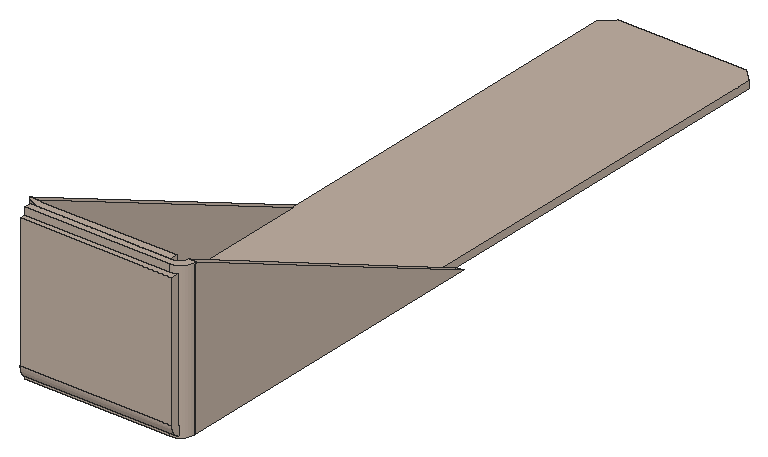
Revit family "JOMA_446", category Structural Connections, host Face, Revit 2017
Family settings
  Host = Face
  Material for Model Behavior = Other
  Enable cutting in views = Yes
  Cut with Voids When Loaded = No
  Shared = No
Parameters (values of type "4460001")
  l = 309 mm
  Vikt (kg) = "0,58"
  Typ = "VINKEL 446001"
  Spikmönster Bult [instance] = or([Spikmönster 1 α=90°], [Spikmönster 2 α=90°])  # no
  Spikmönster 2 4460002 [instance] = and(Beslag 4460002, and([Spikmönster 1 α=90°], not([Spikmönster 2 α=90°])))  # no
  Spikmönster 2 4460001 [instance] = and(Beslag 4460001, and([Spikmönster 1 α=90°], not([Spikmönster 2 α=90°])))  # no
  Spikmönster 1 4460002 [instance] = and(Beslag 4460002, or([Spikmönster 1 α=90°], [Spikmönster 2 α=90°]))  # no
  Spikmönster 1 4460001 [instance] = and(Beslag 4460001, or([Spikmönster 1 α=90°], [Spikmönster 2 α=90°]))  # no
  Spikmönster 2 α=90° [instance] = no
  Spikmönster 1 α=90° [instance] = no
  Spik/skruv [instance] = "ANKARSPIK 4,0x40"
  Material = Varmförzinkad stålplåt
  Länk joma dimensioneringsverktyg = "http://www.joma.se/dimensioneringsverktyg"
  Default Elevation = 1219.2 mm
  Bult (betong) [instance] = "BULT M16"
  Beslag 4460002 [instance] = no
  Beslag 4460001 [instance] = yes
  Antal spik/skruv i virkesdel B [instance] = if([Spikmönster 1 α=90°], 1, if([Spikmönster 2 α=90°], 1, 0))  # 0
  Antal spik/skruv i virkesdel A [instance] = if(and([Spikmönster 1 α=90°], Beslag 4460001), 23, if(and([Spikmönster 2 α=90°], Beslag 4460001), 21, if(and([Spikmönster 1 α=90°], Beslag 4460002), 32, if(and([Spikmönster 2 α=90°], Beslag 4460002), 30, 0))))  # 0
Types (3, lengths in mm): name | l | Vikt (kg) | Typ | Default Elevation | Beslag 4460002 | Beslag 4460001
  (no name) | 309 | "0,58" | "VINKEL 446001" | 1219.2 | no | yes
  4460001 | 309 | "0,58" | "VINKEL 446001" | 1219.2 | no | yes
  4460002 | 403 | "0,65" | "VINKEL 4460002" | 1200 | yes | no
Reference planes
  plane 1 "Center (Front/Back)": y = 0
  plane 2: z = 0
  plane 3 "Center (Left/Right)": x = 0
Forms (mm)
  Extrusion 1, solid, material "Varmförzinkad stålplåt" <- "Material"
    sketch origin (0, 0, 0) x (0, 1, 0) y (0, 0, 1)
      loop
        line (3, 62) -> (0, 62) -> (0, 6)
        arc (0, 6) -> (1.757, 1.757) -> (6, 0) r 6
        line (6, 0) -> (9, 0) -> (9, 3) -> (6, 3)
        arc (6, 3) -> (3.879, 3.879) -> (3, 6) r 3
        line (3, 6) -> (3, 62)
    from -32 to 32
  Extrusion 2, solid, material "Varmförzinkad stålplåt" <- "Material"
    sketch origin (0, 0, 0) x (1, 0, 0) y (0, 1, 0)
      loop
        line (-32, 304) -> (-32, 9) -> (32, 9) -> (32, 304) -> (27, 309) -> (-27, 309) -> (-32, 304)
    from 0 to 3
  Extrusion 3, solid, material "Varmförzinkad stålplåt" <- "Material"
    sketch origin (0, 0, 0) x (1, 0, 0) y (0, 1, 0)
      loop
        line (-29, 5.594) -> (27, 5.594) -> (27, 8.594) -> (-29.519, 8.594)
        arc (-29.519, 8.594) -> (-30.776, 8.696) -> (-32, 9) r 7.785
        line (-32, 9) -> (-35, 9)
        arc (-35, 9) -> (-32.45, 6.505) -> (-29, 5.594) r 6.988
    from 0 to 65
  Extrusion 4, solid, material "Varmförzinkad stålplåt" <- "Material"
    sketch origin (0, 0, 0) x (1, 0, 0) y (0, 1, 0)
      loop
        line (-32, 5.594) -> (-32, 2.594) -> (29, 2.594)
        arc (29, 2.594) -> (33.097, 4.21) -> (34.986, 8.188) r 6
        line (34.986, 8.188) -> (35, 9) -> (32, 9) -> (31.962, 8.12)
        arc (31.962, 8.12) -> (30.946, 6.311) -> (29, 5.594) r 3
        line (29, 5.594) -> (-32, 5.594)
    from 0 to 65
  Extrusion 5, solid, material "Varmförzinkad stålplåt" <- "Material"
    sketch origin (0, 0, 0) x (0, 1, 0) y (0, 0, 1)
      loop
        line (9, 65) -> (9, 0) -> (150, 0) -> (9, 65)
    from 32 to 35
  Extrusion 6, solid, material "Varmförzinkad stålplåt" <- "Material"
    sketch origin (0, 0, 0) x (0, 1, 0) y (0, 0, 1)
      loop
        line (150, 0) -> (9, 65) -> (9, 0) -> (150, 0)
    from -35 to -32
Cuts and joins
  joined: Extrusion 3, Extrusion 6
  joined: Extrusion 4, Extrusion 5
Lines and regions (mm)
  model lines
    curve 1: line (-32, 11, 0) -> (-32, 0, 0)
  symbolic lines, visible <- "Beslag 4460001"
    curve 2: circle (-22.5, 298.594, 0) r 2.5 normal (0, 0, 1)
    curve 3: circle (-7.5, 298.594, 0) r 2.5 normal (0, 0, 1)
    curve 4: circle (22.5, 298.594, 0) r 2.5 normal (0, 0, 1)
    curve 5: circle (7.5, 298.594, 0) r 2.5 normal (0, 0, 1)
    curve 6: circle (15, 268.594, 0) r 2.5 normal (0, 0, 1)
    curve 7: circle (0, 268.594, 0) r 2.5 normal (0, 0, 1)
    curve 8: circle (-15, 268.594, 0) r 2.5 normal (0, 0, 1)
    curve 9: circle (-22.5, 238.594, 0) r 2.5 normal (0, 0, 1)
    curve 10: circle (22.5, 238.594, 0) r 2.5 normal (0, 0, 1)
    curve 11: circle (7.5, 238.594, 0) r 2.5 normal (0, 0, 1)
    curve 12: circle (-7.5, 238.594, 0) r 2.5 normal (0, 0, 1)
    curve 13: circle (15, 208.594, 0) r 2.5 normal (0, 0, 1)
    curve 14: circle (0, 208.594, 0) r 2.5 normal (0, 0, 1)
    curve 15: circle (-15, 208.594, 0) r 2.5 normal (0, 0, 1)
    curve 16: circle (22.5, 178.594, 0) r 2.5 normal (0, 0, 1)
    curve 17: circle (7.5, 178.594, 0) r 2.5 normal (0, 0, 1)
    curve 18: circle (-7.5, 178.594, 0) r 2.5 normal (0, 0, 1)
    curve 19: circle (-22.5, 178.594, 0) r 2.5 normal (0, 0, 1)
    curve 20: circle (15, 148.594, 0) r 2.5 normal (0, 0, 1)
    curve 21: circle (0, 148.594, 0) r 2.5 normal (0, 0, 1)
    curve 22: circle (-15, 148.594, 0) r 2.5 normal (0, 0, 1)
    curve 23: circle (7.5, 118.594, 0) r 2.5 normal (0, 0, 1)
    curve 24: circle (-7.5, 118.594, 0) r 2.5 normal (0, 0, 1)
  symbolic lines, visible <- "Beslag 4460002"
    curve 25: circle (-15, 303, 0) r 2.5 normal (0, 0, 1)
    curve 26: circle (15, 303, 0) r 2.5 normal (0, 0, 1)
    curve 27: circle (0, 303, 0) r 2.5 normal (0, 0, 1)
    curve 28: circle (22.5, 273, 0) r 2.5 normal (0, 0, 1)
    curve 29: circle (7.5, 273, 0) r 2.5 normal (0, 0, 1)
    curve 30: circle (-7.5, 273, 0) r 2.5 normal (0, 0, 1)
    curve 31: circle (-22.5, 273, 0) r 2.5 normal (0, 0, 1)
    curve 32: circle (15, 243, 0) r 2.5 normal (0, 0, 1)
    curve 33: circle (0, 243, 0) r 2.5 normal (0, 0, 1)
    curve 34: circle (-15, 243, 0) r 2.5 normal (0, 0, 1)
    curve 35: circle (22.5, 213, 0) r 2.5 normal (0, 0, 1)
    curve 36: circle (7.5, 213, 0) r 2.5 normal (0, 0, 1)
    curve 37: circle (-7.5, 213, 0) r 2.5 normal (0, 0, 1)
    curve 38: circle (-22.5, 213, 0) r 2.5 normal (0, 0, 1)
    curve 39: circle (15, 183, 0) r 2.5 normal (0, 0, 1)
    curve 40: circle (0, 183, 0) r 2.5 normal (0, 0, 1)
    curve 41: circle (-15, 183, 0) r 2.5 normal (0, 0, 1)
    curve 42: circle (7.5, 153, 0) r 2.5 normal (0, 0, 1)
    curve 43: circle (-7.5, 153, 0) r 2.5 normal (0, 0, 1)
    curve 44: circle (7.5, 123, 0) r 2.5 normal (0, 0, 1)
    curve 45: circle (-7.5, 123, 0) r 2.5 normal (0, 0, 1)
    curve 46: circle (-22.5, 333, 0) r 2.5 normal (0, 0, 1)
    curve 47: circle (22.5, 333, 0) r 2.5 normal (0, 0, 1)
    curve 48: circle (7.5, 333, 0) r 2.5 normal (0, 0, 1)
    curve 49: circle (-7.5, 333, 0) r 2.5 normal (0, 0, 1)
    curve 50: circle (15, 363, 0) r 2.5 normal (0, 0, 1)
    curve 51: circle (0, 363, 0) r 2.5 normal (0, 0, 1)
    curve 52: circle (-15, 363, 0) r 2.5 normal (0, 0, 1)
    curve 53: circle (22.5, 393, 0) r 2.5 normal (0, 0, 1)
    curve 54: circle (7.5, 393, 0) r 2.5 normal (0, 0, 1)
    curve 55: circle (-7.5, 393, 0) r 2.5 normal (0, 0, 1)
    curve 56: circle (-22.5, 393, 0) r 2.5 normal (0, 0, 1)
  symbolic lines
    curve 57: circle (0, 0, 40) r 8.75 normal (0, -1, 0)
    curve 58: circle (0, 0, 40) r 8.75 normal (0, -1, 0)
Dimensions and locks
  Extrusion 1 to plane 1 "Center (Front/Back)" = 9 mm
  Extrusion 2 sketch curve to Extrusion 1 = 300 mm
  plane 1 "Center (Front/Back)" to Extrusion 2 = 309 mm
  Extrusion 6 to Extrusion 5 = 70 mm
  "l": plane 1 "Center (Front/Back)" to Extrusion 2 sketch curve
  aligned and locked: plane 2 to host face
  aligned and locked: level to host face
  aligned and locked: Extrusion 1 to Extrusion 2
  aligned and locked: Extrusion 5 to Extrusion 2
  aligned and locked: Extrusion 6 to Extrusion 2
Automatic sketch dimensions
  plane 1 "Center (Front/Back)" to curve 1 = 0 mm
  curve 1 to plane 3 "Center (Left/Right)" = 32 mm
  curve 1 to curve 1 = 11 mm
  host sketch curve to host sketch curve = 2438.4 mm  (x2)
  Extrusion 1 sketch curve to Extrusion 1 sketch curve = 0 mm  (x2)
  Extrusion 1 sketch curve to plane 1 "Center (Front/Back)" = 0 mm
  Extrusion 1 sketch curve to level = 0 mm
  Extrusion 1 sketch curve to Extrusion 1 sketch curve = 3 mm  (x2)
  Extrusion 1 sketch curve to plane 1 "Center (Front/Back)" = 6 mm
  Extrusion 1 sketch curve to Extrusion 1 sketch curve = 56 mm
  Extrusion 3 sketch curve to plane 1 "Center (Front/Back)" = 9 mm
  Extrusion 3 sketch curve to plane 3 "Center (Left/Right)" = 35 mm
  Extrusion 3 sketch curve to Extrusion 3 sketch curve = 3 mm  (x2)
  Extrusion 3 sketch curve to Extrusion 3 sketch curve = 2.481 mm
  Extrusion 3 sketch curve to Extrusion 3 sketch curve = 0.519 mm
  plane 3 "Center (Left/Right)" to Extrusion 3 sketch curve = 27 mm
  Extrusion 3 sketch curve to plane 1 "Center (Front/Back)" = 8.594 mm
  Extrusion 4 sketch curve to Extrusion 4 sketch curve = 0 mm  (x2)
  Extrusion 4 sketch curve to plane 1 "Center (Front/Back)" = 2.594 mm
  Extrusion 4 sketch curve to plane 3 "Center (Left/Right)" = 32 mm
  Extrusion 4 sketch curve to plane 1 "Center (Front/Back)" = 5.594 mm
  plane 3 "Center (Left/Right)" to Extrusion 4 sketch curve = 29 mm
  Extrusion 4 sketch curve to plane 1 "Center (Front/Back)" = 8.12 mm
  Extrusion 4 sketch curve to Extrusion 4 sketch curve = 2.962 mm
  Extrusion 4 sketch curve to Extrusion 4 sketch curve = 0.038 mm
  Extrusion 4 sketch curve to plane 1 "Center (Front/Back)" = 8.188 mm
  Extrusion 4 sketch curve to plane 1 "Center (Front/Back)" = 9 mm
  Extrusion 4 sketch curve to Extrusion 4 sketch curve = 0.014 mm
  Extrusion 5 sketch curve to level = 0 mm
  Extrusion 5 sketch curve to plane 1 "Center (Front/Back)" = 9 mm
  Extrusion 5 sketch curve to Extrusion 5 sketch curve = 141 mm
  Extrusion 5 sketch curve to Extrusion 5 sketch curve = 65 mm
  Extrusion 6 sketch curve to level = 0 mm
  Extrusion 6 sketch curve to plane 1 "Center (Front/Back)" = 9 mm
  Extrusion 6 sketch curve to Extrusion 6 sketch curve = 141 mm
  Extrusion 6 sketch curve to Extrusion 6 sketch curve = 65 mm
  curve 57 to curve 58 = 0 mm  (x2)
  curve 58 to plane 3 "Center (Left/Right)" = 0 mm
  level to curve 58 = 40 mm
  Extrusion 2 sketch curve to plane 3 "Center (Left/Right)" = 32 mm
  Extrusion 2 sketch curve to Extrusion 2 sketch curve = 5 mm  (x4)
  plane 3 "Center (Left/Right)" to Extrusion 2 sketch curve = 27 mm
  Extrusion 2 sketch curve to plane 1 "Center (Front/Back)" = 9 mm
  radius of curve 57 = 8.75 mm
  radius of curve 58 = 8.75 mm
Nested families
  nested 1: "Family1" at (-22.487, 298.594, 0), visible <- "Spikmönster 1 4460001", type "Family1"
    with 4460001 yes
  nested 2: "Family1" at (-7.513, 298.594, 0), visible <- "Spikmönster 1 4460001", type "Family1"
    with 4460001 yes
  nested 3: "Family1" at (7.487, 298.594, 0), visible <- "Spikmönster 1 4460001", type "Family1"
    with 4460001 yes
  nested 4: "Family1" at (22.513, 298.594, 0), visible <- "Spikmönster 1 4460001", type "Family1"
    with 4460001 yes
  nested 5: "Family1" at (15, 268.594, 0), visible <- "Spikmönster 1 4460001", type "Family1"
    with 4460001 yes
  nested 6: "Family1" at (0, 268.594, 0), visible <- "Spikmönster 1 4460001", type "Family1"
    with 4460001 yes
  nested 7: "Family1" at (-15, 268.594, 0), visible <- "Spikmönster 1 4460001", type "Family1"
    with 4460001 yes
  nested 8: "Family1" at (-22.5, 238.594, 0), visible <- "Spikmönster 1 4460001", type "Family1"
    with 4460001 yes
  nested 9: "Family1" at (-7.5, 238.594, 0), visible <- "Spikmönster 1 4460001", type "Family1"
    with 4460001 yes
  nested 10: "Family1" at (7.5, 238.594, 0), visible <- "Spikmönster 1 4460001", type "Family1"
    with 4460001 yes
  nested 11: "Family1" at (22.5, 238.594, 0), visible <- "Spikmönster 1 4460001", type "Family1"
    with 4460001 yes
  nested 12: "Family1" at (15, 208.594, 0), visible <- "Spikmönster 1 4460001", type "Family1"
    with 4460001 yes
  nested 13: "Family1" at (0, 208.594, 0), visible <- "Spikmönster 1 4460001", type "Family1"
    with 4460001 yes
  nested 14: "Family1" at (-15, 208.594, 0), visible <- "Spikmönster 1 4460001", type "Family1"
    with 4460001 yes
  nested 15: "Family1" at (-22.5, 178.594, 0), visible <- "Spikmönster 1 4460001", type "Family1"
    with 4460001 yes
  nested 16: "Family1" at (-7.5, 178.594, 0), visible <- "Spikmönster 1 4460001", type "Family1"
    with 4460001 yes
  nested 17: "Family1" at (7.5, 178.594, 0), visible <- "Spikmönster 1 4460001", type "Family1"
    with 4460001 yes
  nested 18: "Family1" at (22.5, 178.594, 0), visible <- "Spikmönster 1 4460001", type "Family1"
    with 4460001 yes
  nested 19: "Family1" at (15, 148.594, 0), visible <- "Spikmönster 1 4460001", type "Family1"
    with 4460001 yes
  nested 20: "Family1" at (0, 148.594, 0), visible <- "Spikmönster 1 4460001", type "Family1"
    with 4460001 yes
  nested 21: "Family1" at (-15, 148.594, 0), visible <- "Spikmönster 1 4460001", type "Family1"
    with 4460001 yes
  nested 22: "Family1" at (-7.5, 118.594, 0), visible <- "Spikmönster 2 4460001", type "Family1"
    with 4460001 yes
  nested 23: "Family1" at (7.5, 118.594, 0), visible <- "Spikmönster 2 4460001", type "Family1"
    with 4460001 yes
  nested 24: "Family1" at (-22.487, 393, 0), visible <- "Spikmönster 1 4460002", type "Family1"
    with 4460001 yes
  nested 25: "Family1" at (-7.487, 393, 0), visible <- "Spikmönster 1 4460002", type "Family1"
    with 4460001 yes
  nested 26: "Family1" at (7.487, 393, 0), visible <- "Spikmönster 1 4460002", type "Family1"
    with 4460001 yes
  nested 27: "Family1" at (22.513, 393, 0), visible <- "Spikmönster 1 4460002", type "Family1"
    with 4460001 yes
  nested 28: "Family1" at (15, 363, 0), visible <- "Spikmönster 1 4460002", type "Family1"
    with 4460001 yes
  nested 29: "Family1" at (0, 363, 0), visible <- "Spikmönster 1 4460002", type "Family1"
    with 4460001 yes
  nested 30: "Family1" at (-15, 363, 0), visible <- "Spikmönster 1 4460002", type "Family1"
    with 4460001 yes
  nested 31: "Family1" at (-22.487, 333, 0), visible <- "Spikmönster 1 4460002", type "Family1"
    with 4460001 yes
  nested 32: "Family1" at (-7.487, 333, 0), visible <- "Spikmönster 1 4460002", type "Family1"
    with 4460001 yes
  nested 33: "Family1" at (7.487, 333, 0), visible <- "Spikmönster 1 4460002", type "Family1"
    with 4460001 yes
  nested 34: "Family1" at (22.513, 333, 0), visible <- "Spikmönster 1 4460002", type "Family1"
    with 4460001 yes
  nested 35: "Family1" at (15, 303, 0), visible <- "Spikmönster 1 4460002", type "Family1"
    with 4460001 yes
  nested 36: "Family1" at (0, 303, 0), visible <- "Spikmönster 1 4460002", type "Family1"
    with 4460001 yes
  nested 37: "Family1" at (-15, 303, 0), visible <- "Spikmönster 1 4460002", type "Family1"
    with 4460001 yes
  nested 38: "Family1" at (-22.487, 273, 0), visible <- "Spikmönster 1 4460002", type "Family1"
    with 4460001 yes
  nested 39: "Family1" at (-7.487, 273, 0), visible <- "Spikmönster 1 4460002", type "Family1"
    with 4460001 yes
  nested 40: "Family1" at (7.487, 273, 0), visible <- "Spikmönster 1 4460002", type "Family1"
    with 4460001 yes
  nested 41: "Family1" at (22.513, 273, 0), visible <- "Spikmönster 1 4460002", type "Family1"
    with 4460001 yes
  nested 42: "Family1" at (15, 243, 0), visible <- "Spikmönster 1 4460002", type "Family1"
    with 4460001 yes
  nested 43: "Family1" at (0, 243, 0), visible <- "Spikmönster 1 4460002", type "Family1"
    with 4460001 yes
  nested 44: "Family1" at (-15, 243, 0), visible <- "Spikmönster 1 4460002", type "Family1"
    with 4460001 yes
  nested 45: "Family1" at (-22.487, 213, 0), visible <- "Spikmönster 1 4460002", type "Family1"
    with 4460001 yes
  nested 46: "Family1" at (-7.487, 213, 0), visible <- "Spikmönster 1 4460002", type "Family1"
    with 4460001 yes
  nested 47: "Family1" at (7.487, 213, 0), visible <- "Spikmönster 1 4460002", type "Family1"
    with 4460001 yes
  nested 48: "Family1" at (22.513, 213, 0), visible <- "Spikmönster 1 4460002", type "Family1"
    with 4460001 yes
  nested 49: "Family1" at (15, 183, 0), visible <- "Spikmönster 1 4460002", type "Family1"
    with 4460001 yes
  nested 50: "Family1" at (0, 183, 0), visible <- "Spikmönster 1 4460002", type "Family1"
    with 4460001 yes
  nested 51: "Family1" at (-15, 183, 0), visible <- "Spikmönster 1 4460002", type "Family1"
    with 4460001 yes
  nested 52: "Family1" at (7.5, 153, 0), visible <- "Spikmönster 1 4460002", type "Family1"
    with 4460001 yes
  nested 53: "Family1" at (-7.5, 153, 0), visible <- "Spikmönster 1 4460002", type "Family1"
    with 4460001 yes
  nested 54: "Family1" at (-7.5, 123, 0), visible <- "Spikmönster 2 4460002", type "Family1"
    with 4460001 yes
  nested 55: "Family1" at (7.5, 123, 0), visible <- "Spikmönster 2 4460002", type "Family1"
    with 4460001 yes
  nested 56: "DetailItembult175" at (0, 0, 40) x (1, 0, 0) z (0, -1, 0), visible <- "Spikmönster Bult", type "DetailItembult175"
Definition of nested family "Family1"
  Parameters (values of type "Family1")
    4460001 [instance] = yes
  Reference planes
    plane 1 "Center (Front/Back)": y = 0
    plane 2: z = 0
    plane 3 "Center (Left/Right)": x = 0
  Lines and regions (mm)
    Filled region 1, type "Solid Fill - Black", in view "Ref. Level"
      outline origin (0, 0, 0) x (1, 0, 0) y (0, 1, 0)
        loop
          circle (0, 0) r 2.5
    detail lines, in view "Ref. Level", visible <- "4460001"
      curve 1: circle (0, 0, 0) r 2.5 normal (0, 0, 1)
Definition of nested family "DetailItembult175"
  Reference planes
    plane 1 "Center (Front/Back)": y = 0
    plane 2: z = 0
    plane 3 "Center (Left/Right)": x = 0
  Lines and regions (mm)
    Filled region 1, type "Solid Fill - Black", in view "Ref. Level"
      outline origin (0, 0, 0) x (1, 0, 0) y (0, 1, 0)
        loop
          circle (0, 0) r 8.75
